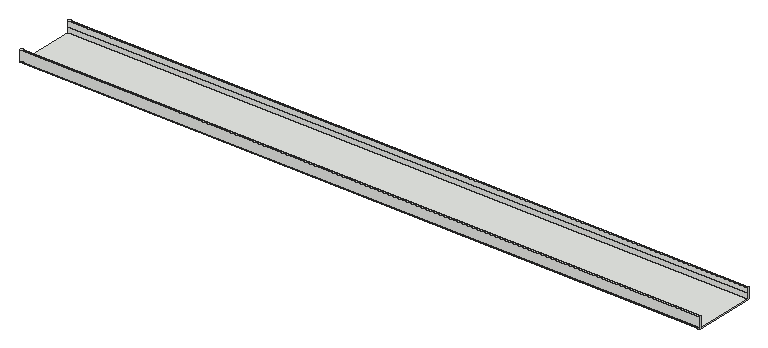
Revit family "PR626", category Mechanical Equipment, Revit 2018
Family settings
  Round Connector Dimension = Use Diameter
  Part Type = Normal
  OmniClass Number = 23.75.00.00
  OmniClass Title = Climate Control (HVAC)
  Work Plane-Based = No
  Always vertical = Yes
  Cut with Voids When Loaded = No
  Shared = No
  Room Calculation Point = No
Parameters (values of type "ISOLAMIN PR626 flashing")
  URL = "http://www.isolamin.se/"
  Thickness = "0.7 mm (Different thicknesses are available on request) \r\n0.7 mm (Different thicknesses are available on request) \r\n0.7 mm (Different thicknesses are available on request)"
  Profile Length = 1180 mm
  Model = "PR626"
  Material = "Galvanized Steel"
  Manufacturer = "ISOLAMIN AB"
  Edition = "1.0 (2018)"
Reference planes
  plane 1 "Center (Front/Back)": y = 0
  plane 2: z = 0
  plane 3 "Center (Left/Right)": x = 0
  plane 4: y = -1284.913
  plane 5: x = 1180
Forms (mm)
  Extrusion 1, solid, material "ISOLAMIN Surface Profile Material"
    sketch origin (0, 0, 0) x (0, 1, 0) y (0, 0, 1)
      loop
        line (-2, 10.7) -> (-1, 10.7) -> (-1, 1) -> (-104, 1) -> (-104, 10.7) -> (-103, 10.7) -> (-103, 19.256)
        arc (-103, 19.256) -> (-104, 20) -> (-105, 19.256) r 1.044
        line (-105, 19.256) -> (-105, 1)
        arc (-105, 1) -> (-104.707, 0.293) -> (-104, 0) r 1
        line (-104, 0) -> (-1, 0)
        arc (-1, 0) -> (-0.293, 0.293) -> (0, 1) r 1
        line (0, 1) -> (0, 19.256)
        arc (0, 19.256) -> (-1, 20) -> (-2, 19.256) r 1.044
        line (-2, 19.256) -> (-2, 10.7)
    from 0 to 1180
Dimensions and locks
  "Profile Length": plane 3 "Center (Left/Right)" to plane 5
  aligned and locked: level to plane 2
  aligned and locked: plane 5 to Extrusion 1
Automatic sketch dimensions
  Extrusion 1 sketch curve to level = 0 mm
  Extrusion 1 sketch curve to plane 1 "Center (Front/Back)" = 0 mm
  plane 1 "Center (Front/Back)" to Extrusion 1 sketch curve = 1 mm  (x3)
  Extrusion 1 sketch curve to Extrusion 1 sketch curve = 1 mm  (x3)
  level to Extrusion 1 sketch curve = 10.7 mm
  Extrusion 1 sketch curve to Extrusion 1 sketch curve = 101 mm
  Extrusion 1 sketch curve to Extrusion 1 sketch curve = 0 mm  (x2)
  level to Extrusion 1 sketch curve = 1 mm
  Extrusion 1 sketch curve to Extrusion 1 sketch curve = 9.7 mm
  Extrusion 1 sketch curve to Extrusion 1 sketch curve = 8.256 mm  (x2)
  Extrusion 1 sketch curve to Extrusion 1 sketch curve = 0.3 mm  (x2)
